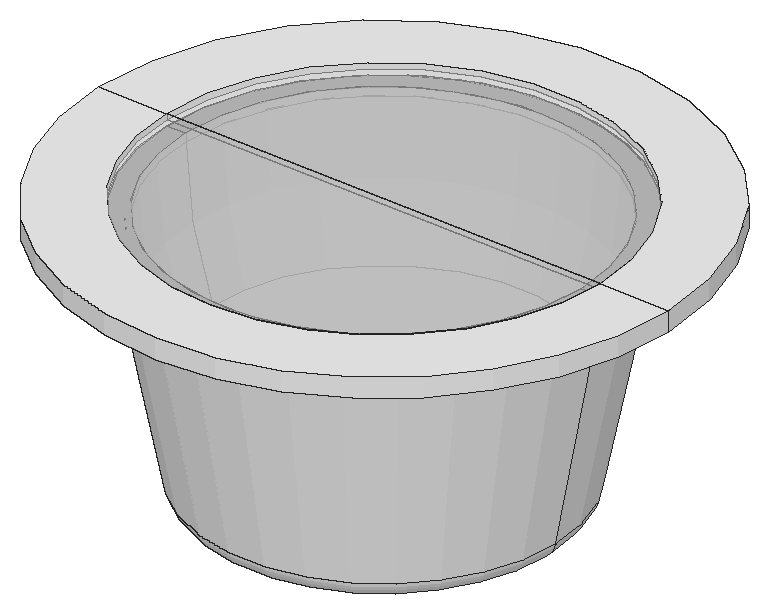
Revit family "2060550+2039013 Sylvania Lighting Fixture ASCENT 100 II ARCH 1900 3K STD 160 with IP54 PC Cover", category Lighting Fixtures, host Face, Revit 2016
Family settings
  Host = Face
  Part Type = Normal
  Round Connector Dimension = Use Diameter
  OmniClass Number = 23.80.70.11.17
  OmniClass Title = Specialized Lighting by Location or Use
  Cut with Voids When Loaded = No
  Light Source = Yes
  Shared = No
  Room Calculation Point = No
Parameters (values of type "2060550+2039013 ASCT100 II ARCH 1900 3K STD 160 with IP54 PC Cover")
  WidthBezelAcc_SYL = 25.0 mm
  Weight = "1.2 kg"
  Wattage = 17 W
  WarrantyStartDate [instance] = "n/a"
  WarrantyGuarantorParts = "n/a"
  WarrantyDurationUnit = "n/a"
  WarrantyDurationParts = "n/a"
  WarrantyDescription = "n/a"
  built-in parameter 1150110 = 1 (stored number, unit not read)
  Voltage = 0 V
  VisibilityAccessory_SYL = yes
  TypeName = "ASCENT 100 II ARCH 1900 3K STD 160 with IP54 PC Cover"
  built-in parameter 1114217 = 1 (stored number, unit not read)
  Tilt Angle = -90°
  built-in parameter 1150109 = 1 (stored number, unit not read)
  built-in parameter 1150134 = (empty or 0)
  built-in parameter 1150113 = 1 (stored number, unit not read)
  SerialNumber [instance] = "n/a"
  ReflectorRadius_SYL = Radius_SYL - 14.5 mm  # 80.0 mm
  RadiusAcc_SYL = 105.0 mm
  Radius_SYL = 94.5 mm
  URL = "http://www.sylvania-lighting.com"
  PowerFactor = 0
  PowerConsumption = "17 W"
  Photometric Web File = "2060550.ies"
  NominalWidth = 0.0 mm
  NominalLength = 0.0 mm
  NominalHeight = 94.0 mm
  Name = "ASCENT 100 II ARCH 1900 3K STD 160 with IP54 PC Cover"
  ModelReference = "ASCENT 100 II ARCH 1900 3K STD 160 with IP54 PC Cover"
  ModelNumber = "2060550+2039013"
  Material_4_SYL = none
  Material_3_SYL = Polycarbonate_Sylvania_Ascent_Clear
  Material_2_SYL = Aluminium_Sylvania_Ascent_Silver
  Material_1_SYL = Aluminum_Sylvania_Ascent_White
  Material = "aluminium housing, arcylic diffuser"
  ManufacturerName = "Feilo Sylvania"
  LuminousEfficacy = "109 lm/W"
  built-in parameter 1150105 = 147.46 (stored number, unit not read)
  Lumens = 1853 lm
  LuminaireType = ""
  built-in parameter 1150115 = 1 (stored number, unit not read)
  LightOutputRatio = "100"
  built-in parameter 1150137 = (empty or 0)
  built-in parameter 1150139 = (empty or 0)
  LampsType = Lamp  # "LED"
  LampNominalLuminous = "1847 lm"
  LampMacAdamStep = "3"
  LampColourTemperature = "3000 K"
  LampColourRenderingIndex = "80"
  built-in parameter 1150112 = 1 (stored number, unit not read)
  built-in parameter 1150114 = 1 (stored number, unit not read)
  Keynote = "16500"
  InstallationDate [instance] = "n/a"
  InputVoltage = "n/a"
  InputNominalFrequency = "n/a"
  built-in parameter 1150132 = (empty or 0)
  built-in parameter 1150102 = (empty or 0)
  built-in parameter 1150107 = 3000 (stored number, unit not read)
  built-in parameter 1150138 = (empty or 0)
  IngressProtection = "IP54"
  ImpactProtectionIndex = "IK02"
  built-in parameter 1150106 = 1.4746 (stored number, unit not read)
  IfcExportType = "IfcLightFixtureType"
  IfcExportAs = "IfcLightFixtureType"
  Height_SYL = 94.0 mm
  HeightAcc_SYL = 7.0 mm
  ExpectedLife = 50000
  EmittionSurface_SYL = if(VisibilityAccessory_SYL, 7.0 mm, 3.0 mm)  # 7.0 mm
  Emit from Circle Diameter = DiffuserRadius_SYL * 2  # 146.0 mm
  Emit Shape Visible in Rendering = no
  ElectricShockClassification = "Class II"
  built-in parameter 1150104 = 10.126 (stored number, unit not read)
  DurationUnit = "hours"
  DocumentationLiterature = "http://www.sylvania-lighting.com/product/en-int/products/2060550"
  DimmingControlOptions = "n/a"
  Dimming Lamp Color Temperature Shift = <None>
  DiffuserRadius_SYL = ReflectorRadius_SYL - 7.0 mm  # 73.0 mm
  Diameter_SYL = 2 * Radius_SYL  # 189.0 mm
  CutoutDiameter_SYL = Diameter_SYL - 13.0 mm  # 176.0 mm
  CreatedOn = "9/17/2018"
  CreatedBy = "@sylvania-lighting.com"
  Color Filter = 16777215
  built-in parameter 1114216 [instance] = 1 (stored number, unit not read)
  Model = "ASCENT 100 II ARCH 1900 3K STD 160 with IP54 PC Cover"
  Manufacturer = "Feilo Sylvania"
  Lamp = "LED"
  Description = "Direct LED retro fit for original LED 100 Arch (160) single CFL lamp offering Matching lumen levels and improved light distribution of original LED 100 CFL lamp equivalents Typically half the power consumption compared to CFL Up to 112lm/W 160mm aperture Architectural reflector accepts range of glass accessories from existing LED 100 Arch 160 offering HE, HO and VHO versions equivalent of single 1 x 18W, 1 x 32W, 1 x 42W\r\n Additional VVHO versions which offer the performance circa 2 x 32W equivalent"  # constant formula
  Default Elevation = 0.0 mm
  built-in parameter 1140040 [instance] = 1
  BarCode [instance] = "n/a"
  built-in parameter 1114218 = 1 (stored number, unit not read)
  built-in parameter 1150133 = 10 (stored number, unit not read)
  AssetType = "Fixed"
  AssetIdentifier [instance] = "n/a"
  Assembly Code = "D5020200"
  Apparent Load = 17 VA
  Aperture_SYL = 2 * ReflectorRadius_SYL  # 160.0 mm
Reference planes
  plane 1 "Center (Front/Back)": y = 0
  plane 2: z = 0
  plane 3 "Center (Left/Right)": x = 0
  plane 4 "Fixture Bottom": z = 3
  plane 5: z = -52.5
  plane 6 "Fixture Top": z = -91
  plane 7: x = -105
  plane 8: z = 7
  plane 9: x = -80
  plane 10: z = 5
  plane 11: x = -103
Forms (mm)
  Extrusion 1, solid, material "Aluminum_Sylvania_Ascent_White", detail levels fine
    sketch origin (0, 0, 0) x (1, 0, 0) y (0, 1, 0)
      loop
        circle (0, 0) r 94.5
      loop
        circle (0, 0) r 80
    from 0 to 3
  Extrusion 2, void
    sketch origin (0, 0, 0) x (1, 0, 0) y (0, 1, 0)
      loop
        circle (0, 0) r 88
    from -91 to 3
  Revolve 3, solid, material "Aluminum_Sylvania_Ascent_White" <- "Material_1_SYL", detail levels fine
    sketch origin (0, 0, 0) x (1, 0, 0) y (0, 0, 1)
      loop
        line (0, -91.073) -> (0, -89.023) -> (-55.468, -89.014)
        arc (-55.468, -89.014) -> (-59.352, -87.613) -> (-61.54, -84.139) r 6.307
        line (-61.54, -84.139) -> (-77.991, -2.844) -> (-77.991, 0) -> (-80, 0) -> (-80, -3) -> (-63.5, -84.536)
        arc (-63.5, -84.536) -> (-60.643, -89.203) -> (-55.5, -91.073) r 8.291
        line (-55.5, -91.073) -> (0, -91.073)
      axis (0, 0) -> (0, -91.073)
    angle from 0 to 360
  Revolve 4, solid, material "Aluminium_Sylvania_Ascent_Silver" <- "Material_2_SYL", detail levels fine
    sketch origin (0, 0, 0) x (1, 0, 0) y (0, 0, 1)
      loop
        line (-80, 3) -> (-80, 0) -> (-75, 0)
        arc (-75, 0) -> (-72.349, -26.77) -> (-64.5, -52.5) r 136.5
        line (-64.5, -52.5) -> (-58, -52.5)
        arc (-58, -52.5) -> (-56.857, -61.521) -> (-53.5, -69.971) r 36.166
        line (-53.5, -69.971) -> (0, -69.971) -> (0, -50.5) -> (-63.16, -50.5)
        arc (-63.16, -50.5) -> (-70.517, -25.725) -> (-73, 0) r 134.5
        line (-73, 0) -> (-73, 3) -> (-80, 3)
      axis (0, 3) -> (0, -69.971)
    angle from 0 to 360
  Extrusion 5, solid, material "Polycarbonate_Sylvania_Ascent_Clear" <- "Material_3_SYL", detail levels fine
    sketch origin (0, 0, 0) x (1, 0, 0) y (0, 1, 0)
      loop
        circle (0, 0) r 73
    from 0 to 3
  Revolve 6, solid, material "Aluminum_Sylvania_Ascent_White" <- "Material_1_SYL", detail levels coarse+medium
    sketch origin (0, 0, 0) x (1, 0, 0) y (0, 0, 1)
      loop
        line (0, -91.073) -> (0, 3) -> (-94.5, 3) -> (-94.5, 0) -> (-79.5, 0) -> (-79.5, -3) -> (-63, -84.536)
        arc (-63, -84.536) -> (-60.143, -89.203) -> (-55, -91.073) r 8.291
        line (-55, -91.073) -> (0, -91.073)
      axis (0, 3) -> (0, -91.073)
    angle from 0 to 360
  Revolve 7, solid, material "Aluminum_Sylvania_Ascent_White" <- "Material_1_SYL", visible <- "VisibilityAccessory_SYL"
    sketch origin (0, 0, 0) x (1, 0, 0) y (0, 0, 1)
      loop
        line (-105, 0) -> (-103, 0) -> (-103, 5) -> (-80, 5) -> (-80, 7) -> (-105, 7) -> (-105, 0)
      axis (0, 7) -> (0, 0)
    angle from 0 to 360
  Revolve 8, solid, material "Polycarbonate_Sylvania_Ascent_Clear" <- "Material_3_SYL", visible <- "VisibilityAccessory_SYL"
    sketch origin (0, 0, 0) x (1, 0, 0) y (0, 0, 1)
      loop
        line (-80, 7) -> (-80, 5) -> (0, 5) -> (0, 7) -> (-80, 7)
      axis (0, 7) -> (0, 5)
    angle from 0 to 360
Lines and regions (mm)
  reference lines
    curve 1: line (-150, 0, 7) -> (125, 0, 7)
Dimensions and locks
  locked: plane 4 "Fixture Bottom" to plane 2 at 3
  "Height_SYL": plane 4 "Fixture Bottom" to plane 6 "Fixture Top"
  "ReflectorRadius_SYL": plane 3 "Center (Left/Right)" to Revolve 4 sketch curve
  locked: Revolve 4 sketch curve to Revolve 4 sketch curve at 15.5
  locked: Revolve 4 sketch curve to Revolve 4 sketch curve at 5
  locked: Revolve 4 sketch curve to Revolve 4 sketch curve at 7
  locked: Revolve 4 sketch curve to Revolve 4 sketch curve at 22
  locked: Revolve 4 sketch curve to Revolve 4 sketch curve at 26.5
  locked: Revolve 3 sketch curve to Revolve 3 sketch curve at 16.5
  locked: Revolve 3 sketch curve to Revolve 3 sketch curve at 24.5
  "ReflectorRadius_SYL": Revolve 3 sketch curve to plane 3 "Center (Left/Right)"
  locked: Revolve 3 sketch curve to plane 6 "Fixture Top" at 6.464
  locked: plane 2 to Revolve 3 sketch curve at 3
  locked: Revolve 3 sketch curve to Revolve 3 sketch curve at 2
  locked: Revolve 3 sketch curve to Revolve 3 sketch curve at 2.009
  locked: plane 2 to plane 5 at 52.5
  locked: Revolve 6 sketch curve to Revolve 6 sketch curve at 31.5
  locked: Revolve 6 sketch curve to Revolve 6 sketch curve at 39.5
  locked: Revolve 6 sketch curve to Revolve 6 sketch curve at 15
  "Radius_SYL": plane 3 "Center (Left/Right)" to Revolve 6 sketch curve
  "RadiusAcc_SYL": plane 3 "Center (Left/Right)" to plane 7
  "HeightAcc_SYL": plane 8 to level
  "WidthBezelAcc_SYL": plane 7 to plane 9
  locked: plane 7 to plane 11 at 2
  locked: plane 8 to plane 10 at 2
  "EmittionSurface_SYL": curve 1 to level
  "CutoutDiameter_SYL": diameter of Extrusion 2 sketch curve
  "ReflectorRadius_SYL": radius of Extrusion 1 sketch curve
  "DiffuserRadius_SYL": radius of Extrusion 5 sketch curve
  "Radius_SYL": radius of Extrusion 1 sketch curve
  aligned and locked: host face to plane 2
  aligned and locked: host face to level
  aligned and locked: plane 4 "Fixture Bottom" to Extrusion 1
  aligned and locked: Extrusion 1 to plane 2
  aligned and locked: Revolve 3 sketch curve to plane 3 "Center (Left/Right)"
  aligned and locked: Revolve 4 sketch curve to plane 3 "Center (Left/Right)"  (x2)
  aligned and locked: plane 4 "Fixture Bottom" to Revolve 4 sketch curve
  aligned and locked: Extrusion 5 to plane 2
  aligned and locked: plane 2 to Revolve 3 sketch curve  (x2)
  aligned and locked: Revolve 6 sketch curve to plane 3 "Center (Left/Right)"
  aligned and locked: plane 6 "Fixture Top" to Extrusion 2
  aligned and locked: Revolve 7 sketch curve to plane 3 "Center (Left/Right)"
  aligned and locked: host face to Revolve 7 sketch curve  (x2)
  aligned and locked: Revolve 7 sketch curve to plane 7
  aligned and locked: plane 8 to Revolve 7 sketch curve
  aligned and locked: plane 9 to Revolve 7 sketch curve
  aligned and locked: Revolve 7 sketch curve to plane 10
  aligned and locked: plane 11 to Revolve 7 sketch curve
  aligned and locked: Revolve 7 to Revolve 8 sketch curve
  aligned and locked: Revolve 8 sketch curve to Revolve 7  (x2)
  aligned and locked: Revolve 8 sketch curve to plane 3 "Center (Left/Right)"  (x2)
  aligned and locked: plane 3 "Center (Left/Right)" to imposter light
  aligned and locked: imposter light to plane 1 "Center (Front/Back)"
  aligned and locked: imposter light to curve 1
Automatic sketch dimensions
  plane 1 "Center (Front/Back)" to Extrusion 2 sketch curve = 0.0 mm
  Extrusion 2 sketch curve to plane 3 "Center (Left/Right)" = 0.0 mm
  Extrusion 1 sketch curve to Extrusion 1 sketch curve = 0.0 mm  (x2)
  plane 1 "Center (Front/Back)" to Extrusion 1 sketch curve = 0.0 mm
  Extrusion 1 sketch curve to plane 3 "Center (Left/Right)" = 0.0 mm
  plane 6 "Fixture Top" to Revolve 3 sketch curve = 0.073 mm
  Revolve 3 sketch curve to plane 6 "Fixture Top" = 6.861 mm
  Revolve 3 sketch curve to Revolve 3 sketch curve = 0.003 mm
  Revolve 3 sketch curve to Revolve 3 sketch curve = 0.009 mm  (x2)
  Revolve 3 sketch curve to Revolve 3 sketch curve = 0.023 mm
  Revolve 3 sketch curve to Revolve 3 sketch curve = 0.072 mm
  Revolve 3 sketch curve to Revolve 3 sketch curve = 0.008 mm
  Revolve 3 sketch curve to plane 6 "Fixture Top" = 1.977 mm
  Revolve 3 sketch curve to Revolve 3 sketch curve = 33.496 mm
  Revolve 3 sketch curve to Revolve 3 sketch curve = 0.028 mm
  plane 4 "Fixture Bottom" to Revolve 3 sketch curve = 82.431 mm
  Revolve 4 sketch curve to Revolve 4 sketch curve = 0.0 mm  (x2)
  Revolve 4 sketch curve to plane 5 = 0.0 mm
  Revolve 4 sketch curve to level = 0.0 mm
  plane 5 to Revolve 4 sketch curve = 2.0 mm
  plane 4 "Fixture Bottom" to Revolve 4 sketch curve = 9.642 mm
  plane 1 "Center (Front/Back)" to Extrusion 5 sketch curve = 0.0 mm
  Extrusion 5 sketch curve to plane 3 "Center (Left/Right)" = 0.0 mm
  Revolve 4 sketch curve to level = 69.971 mm
  Revolve 4 sketch curve to Revolve 4 sketch curve = 2.387 mm
  Revolve 6 sketch curve to level = 0.0 mm
  Revolve 6 sketch curve to plane 3 "Center (Left/Right)" = 0.0 mm
  Revolve 6 sketch curve to Revolve 6 sketch curve = 8.104 mm
  Revolve 6 sketch curve to level = 3.0 mm
  Revolve 6 sketch curve to plane 6 "Fixture Top" = 6.464 mm
  plane 6 "Fixture Top" to Revolve 6 sketch curve = 0.073 mm
  Revolve 6 sketch curve to Revolve 6 sketch curve = 33.496 mm
  plane 4 "Fixture Bottom" to Revolve 6 sketch curve = 82.431 mm
  host sketch curve to host sketch curve = 1704.996 mm
  host sketch curve to host sketch curve = 1500.0 mm
  plane 6 "Fixture Top" to Revolve 7 sketch curve = 281.274 mm
  Revolve 7 sketch curve to plane 8 = 1140.706 mm
  plane 6 "Fixture Top" to Revolve 8 sketch curve = 281.274 mm
  Revolve 8 sketch curve to Revolve 8 sketch curve = 1140.706 mm
  Revolve 3 sketch curve to plane 3 "Center (Left/Right)" = 0.0 mm
  Revolve 6 sketch curve to plane 4 "Fixture Bottom" = 0.0 mm
  plane 7 to curve 1 = 45.0 mm
  plane 3 "Center (Left/Right)" to curve 1 = 125.0 mm
Connectors
  electrical at (0, 0, -91.073), driven by "Apparent Load"
    settings: on Revolve 3, index 1, voltage 240 V, apparent load 0 VA, apparent load phase1 17 VA, apparent load phase2 0 VA, apparent load phase3 0 VA, power factor 1, load classification "Lighting", number of poles 1, system type 31, power factor state 1, is connector primary yes, connector utility no, sub classification motor no, connector description ""
